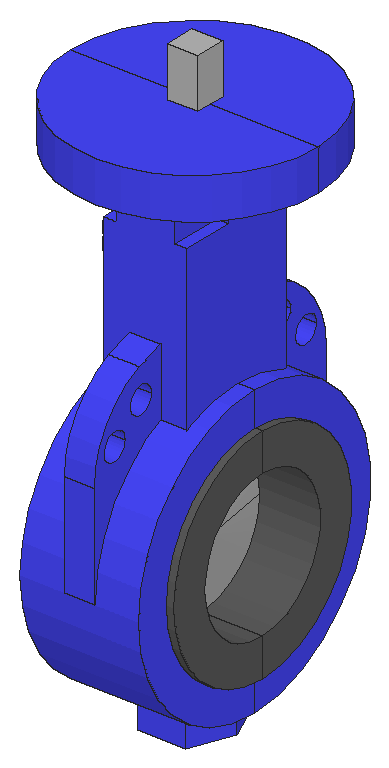
Revit family "931-10-001 DN50-80", category Pipe Accessories, Revit 2022
Family settings
  Round Connector Dimension = Use Diameter
  Part Type = Valve - Breaks Into
  Work Plane-Based = No
  Always vertical = Yes
  Cut with Voids When Loaded = No
  Shared = No
Parameters (values of type "DN050_PN10/16")
  wafer_fillet = wafer / 2  # 33.75 mm
  wafer_dim2 = size_lookup(Search_table, "wafer_dim2", 0 mm, DN)  # 44 mm
  wafer_dim1 = size_lookup(Search_table, "wafer_dim1", 0 mm, DN)  # 35 mm
  wafer_Y = size_lookup(Search_table, "wafer_Y", 0 mm, DN)  # 5 mm
  wafer_X1 = size_lookup(Search_table, "wafer_F", 0 mm, DN)  # 23 mm
  wafer_X = size_lookup(Search_table, "wafer_X", 0 mm, DN)  # 9 mm
  wafer_F = size_lookup(Search_table, "wafer_F", 0 mm, DN)  # 23 mm
  wafer = Actuator_Flange_R * 1.5  # 67.5 mm
  rubber = (D - Bore_R) / 2  # 13.75 mm
  hole1 = G / 2  # 5.5 mm
  disk2 = size_lookup(Search_table, "disk2", 0 mm, DN)  # 53 mm
  disk1 = size_lookup(Search_table, "disk1", 0 mm, DN)  # 6 mm
  disk = size_lookup(Search_table, "disk", 0 mm, DN)  # 2 mm
  base_dis = D * 1.18  # 61.95 mm
  base1 = C / 5  # 8.6 mm
  base = C * 0.7 / 2  # 15.05 mm
  URL_product_pages = "https://www.avkvalves.com/P.aspx?no=93105010020040200000"
  Search_table = "931-10-001 DN50-80"
  PCD_R = size_lookup(Search_table, "PCD_R", 0 mm, DN)  # 62.5 mm
  Hole_diameter = size_lookup(Search_table, "Hole_diameter", 0 mm, DN)  # 10 mm
  Hole = G * 1.1  # 12.1 mm
  H = size_lookup(Search_table, "H", 0 mm, DN)  # 90 mm
  G = size_lookup(Search_table, "G", 0 mm, DN)  # 11 mm
  Flange_T = size_lookup(Search_table, "Flange_T", 0 mm, DN)  # 19 mm
  Flange_R = size_lookup(Search_table, "Flange_R", 0 mm, DN)  # 82.5 mm
  F = size_lookup(Search_table, "F", 0 mm, DN)  # 18 mm
  E = size_lookup(Search_table, "E", 0 mm, DN)  # 140 mm
  Description_ = "AVK BUTTERFLY VALVE, WAFER, PN10/16"
  Default Elevation = 0 mm
  DN080_PN10/16 = "931-080-10-020040200000"
  DN065_PN10/16 = "931-065-10-020040200000"
  DN050_PN10/16 = "931-050-10-020040200000"
  DN = 50 mm
  D = size_lookup(Search_table, "D", 0 mm, DN) / 2  # 52.5 mm
  C = size_lookup(Search_table, "C", 0 mm, DN)  # 43 mm
  Bore_R = size_lookup(Search_table, "Bore_R", 0 mm, DN)  # 25 mm
  Body_thickness = B1 * 1.05  # 28.875 mm
  Body_dim1 = C * 0.7  # 30.1 mm
  Body_dim = Actuator_Flange_R * 0.5  # 22.5 mm
  Body_Thickness = size_lookup(Search_table, "Body_Thickness", 0 mm, DN)  # 6 mm
  B1 = B + 1 mm  # 27.5 mm
  B = size_lookup(Search_table, "B", 0 mm, DN) / 2  # 26.5 mm
  Actuator_Flange_R = size_lookup(Search_table, "Actuator_Flange_R", 0 mm, DN) / 2  # 45 mm
  Actuator_FL_T = size_lookup(Search_table, "Actuator_FL_T", 0 mm, DN)  # 15 mm
  2 = 3 mm  # constant formula
  1 = 1 mm  # constant formula
Types (4, lengths in mm): name | wafer_dim2 | wafer_dim1 | wafer_Y | wafer_X1 | wafer_X | wafer_F | rubber | disk2 | disk1 | disk | base_dis | base1 | base | PCD_R | Flange_R | E | DN | D | C | Bore_R | Body_thickness | Body_dim1 | B1 | B | Actuator_FL_T
  (no name) | 44 | 35 | 5 | 23 | 9 | 23 | 13.75 | 53 | 6 | 2 | 61.95 | 8.6 | 15.05 | 62.5 | 82.5 | 140 | 50 | 52.5 | 43 | 25 | 28.875 | 30.1 | 27.5 | 26.5 | 15
  DN050_PN10/16 | 44 | 35 | 5 | 23 | 9 | 23 | 13.75 | 53 | 6 | 2 | 61.95 | 8.6 | 15.05 | 62.5 | 82.5 | 140 | 50 | 52.5 | 43 | 25 | 28.875 | 30.1 | 27.5 | 26.5 | 15
  DN065_PN10/16 | 42 | 45 | 5 | 28 | 10 | 28 | 13 | 64 | 7 | 3 | 69.03 | 9.2 | 16.1 | 72.5 | 87.5 | 152 | 65 | 58.5 | 46 | 32.5 | 34.65 | 32.2 | 33 | 32 | 15
  DN080_PN10/16 | 45 | 38 | 9 | 35 | 10 | 35 | 12.5 | 78 | 9.9 | 3.5 | 76.7 | 9.2 | 16.1 | 77 | 97 | 159 | 80 | 65 | 46 | 40 | 42 | 32.2 | 40 | 39 | 19
Reference planes
  plane 1 "Center (Front/Back)": y = 0
  plane 2: z = 0
  plane 3 "Center (Left/Right)": x = 0
  plane 4: z = 227.5
  plane 5: x = -21.5
  plane 6: x = 21.5
  plane 7: z = 26.5
  plane 8: z = 140
  plane 9: z = 158
  plane 10: x = -5.5
  plane 11: x = 5.5
  plane 12: z = -13.25
  plane 13: z = 13.25
  plane 14: y = 5.5
  plane 15: y = -5.5
  plane 16: y = 5.5
  plane 17: y = -5.5
  plane 18: x = -15.05
  plane 19: x = 15.05
  plane 20: y = 22.5
  plane 21: y = -22.5
  plane 22: z = 125
  plane 23: z = 52.5
  plane 24: z = 32.5
  plane 25: z = 125
  plane 26: y = 26.5
  plane 27: x = -24.5
  plane 28: x = 24.5
  plane 29: x = -45
  plane 30: x = 45
  plane 31: z = 26.5
  plane 32: z = -26.5
  plane 33: y = -26.5
  plane 34: z = -26.5
  plane 35: z = 26.5
  plane 36: x = -5.5
  plane 37: x = 5.5
  plane 38: z = 90
  plane 39: y = -44
  plane 40: y = 44
  plane 41: y = 15.05
  plane 42: y = -15.05
  plane 43: x = -12.469
  plane 44: x = 12.469
  plane 45: z = 52.5
  plane 46: z = -52.5
  plane 47: y = 52.5
  plane 48: y = -52.5
Forms (mm)
  Revolve 1, solid, material "Default Roof"
    sketch origin (0, 0, 0) x (1, 0, 0) y (0, 0, 1)
      loop
        line (-21.5, 27.5) -> (21.5, 27.5) -> (21.5, 52.5) -> (-21.5, 52.5) -> (-21.5, 27.5)
      axis (-21.5, 0) -> (21.5, 0)
    angle from 0 to 360
  Revolve 2, solid, material "Default Roof"
    sketch origin (0, 0, 0) x (1, 0, 0) y (0, 0, 1)
      loop
        line (0, 140) -> (0, 125) -> (45, 125) -> (45, 140) -> (0, 140)
      axis (0, 140) -> (0, 125)
    angle from 0 to 360
  Extrusion 3, solid, material "Default Wall"
    sketch origin (0, 0, 0) x (1, 0, 0) y (0, 0, 1)
      loop
        line (-5.5, 158) -> (-5.5, 140) -> (5.5, 140) -> (5.5, 158) -> (-5.5, 158)
    from -5.5 to 5.5
  Extrusion 4, solid, material "Default Roof"
    sketch origin (0, 0, 0) x (1, 0, 0) y (0, 0, 1)
      loop
        line (-15.05, 125) -> (-15.05, 26.5) -> (15.05, 26.5) -> (15.05, 125) -> (-15.05, 125)
    from -22.5 to 22.5
  Extrusion 5, void
    sketch origin (0, 0, 0) x (0, 1, 0) y (0, 0, 1)
      loop
        line (22.5, 125) -> (3.5, 125) -> (3.5, 106) -> (22.5, 106) -> (22.5, 125)
      loop
        line (-3.5, 125) -> (-22.5, 125) -> (-22.5, 106) -> (-3.5, 106) -> (-3.5, 125)
    from 10.5 to 21.5
  Extrusion 6, void
    sketch origin (0, 0, 0) x (0, 1, 0) y (0, 0, 1)
      loop
        line (3.5, 106) -> (22.5, 106) -> (22.5, 125) -> (3.5, 125) -> (3.5, 106)
      loop
        line (-3.5, 125) -> (-22.5, 125) -> (-22.5, 106) -> (-3.5, 106) -> (-3.5, 125)
    from -21.5 to -10.5
  Revolve 7, solid, material "Default"
    sketch origin (0, 0, 0) x (1, 0, 0) y (0, 0, 1)
      loop
        line (-24.5, 40.25) -> (-24.5, 26.5) -> (24.5, 26.5) -> (24.5, 40.25) -> (21.5, 40.25) -> (21.5, 27.5) -> (-21.5, 27.5) -> (-21.5, 40.25) -> (-24.5, 40.25)
      axis (-24.5, 0) -> (24.5, 0)
    angle from 0 to 360
  Revolve 8, solid, material "Default Wall"
    sketch origin (0, 0, 0) x (1, 0, 0) y (0, 1, 0)
      loop
        line (-6, 0) -> (6, 0) -> (2, 26.5) -> (-2, 26.5) -> (-6, 0)
      axis (-6, 0) -> (6, 0)
    angle from 0 to 360
  Extrusion 9, solid, material "Default Roof"
    sketch origin (0, 0, 0) x (0, 1, 0) y (0, 0, 1)
      loop
        arc (52.5, 37.744) -> (46.969, 56.258) -> (32.188, 68.704) r 33.75
        arc (32.188, 68.704) -> (0, 75.388) -> (-32.188, 68.704) r 80.841
        arc (-32.188, 68.704) -> (-46.969, 56.258) -> (-52.5, 37.744) r 33.75
        line (-52.5, 37.744) -> (-52.5, 0.003)
        arc (-52.5, 0.003) -> (-37.048, 37.198) -> (0.208, 52.5) r 52.5
        arc (0.208, 52.5) -> (37.197, 37.049) -> (52.5, 0) r 52.5
        line (52.5, 0) -> (52.5, 37.744)
      loop
        circle (43.5, 47.5) r 5
      loop
        circle (31.5, 57.5) r 5
      loop
        circle (-31.5, 57.5) r 5
      loop
        circle (-43.5, 47.5) r 5
    from -5.5 to 5.5
  Extrusion 10, solid, material "Default Roof"
    sketch origin (0, 0, 0) x (1, 0, 0) y (0, 1, 0)
      loop
        line (-15.05, 0) -> (-8.6, -15.05) -> (8.6, -15.05) -> (15.05, 0) -> (8.6, 15.05) -> (-8.6, 15.05) -> (-15.05, 0)
    from -61.95 to -29.5
Cuts and joins
  Extrusion 5, Extrusion 6 cuts Revolve 2
  Extrusion 5, Extrusion 6 cuts Extrusion 4
Dimensions and locks
  "B": plane 7 to level
  equal spacing: plane 6, plane 3 "Center (Left/Right)", plane 5
  "C": plane 6 to plane 5
  "E": plane 8 to level
  equal spacing: plane 11, plane 3 "Center (Left/Right)", plane 10
  "G": plane 11 to plane 10
  "F": plane 9 to plane 8
  equal spacing: plane 13, level, plane 12
  "B": plane 13 to plane 12
  "Actuator_Flange_R": Revolve 2 sketch curve to plane 3 "Center (Left/Right)"
  "Actuator_FL_T": plane 8 to Revolve 2 sketch curve
  equal spacing: Extrusion 3 sketch curve, plane 3 "Center (Left/Right)", Extrusion 3 sketch curve
  equal spacing: plane 14, plane 1 "Center (Front/Back)", plane 15
  "G": plane 14 to plane 15
  equal spacing: plane 16, plane 1 "Center (Front/Back)", plane 17
  "G": plane 16 to plane 17
  equal spacing: Extrusion 4 sketch curve, plane 3 "Center (Left/Right)", Extrusion 4 sketch curve
  "Actuator_FL_T": plane 8 to Extrusion 4 sketch curve
  equal spacing: plane 19, plane 3 "Center (Left/Right)", plane 18
  "Body_dim1": plane 19 to plane 18
  equal spacing: plane 20, plane 1 "Center (Front/Back)", plane 21
  "Body_dim": plane 20 to plane 1 "Center (Front/Back)"
  "Actuator_FL_T": plane 8 to Extrusion 5 sketch curve
  "Flange_T": plane 20 to Extrusion 5 sketch curve
  "Actuator_FL_T": plane 8 to plane 22
  "Flange_T": plane 22 to Extrusion 5 sketch curve
  equal spacing: Extrusion 5 sketch curve, plane 1 "Center (Front/Back)", Extrusion 5 sketch curve
  "G": plane 6 to cut or joined group of Extrusion 4, Extrusion 5, Extrusion 6
  "G": cut or joined group of Extrusion 4, Extrusion 5, Extrusion 6 to plane 5
  equal spacing: Revolve 7 sketch curve, plane 3 "Center (Left/Right)", Revolve 7 sketch curve  (x2)
  "2": plane 5 to Revolve 7 sketch curve
  "B1": Revolve 1 sketch curve to level
  "D": plane 23 to level
  "rubber": Revolve 7 sketch curve to plane 7
  "Body_Thickness": plane 24 to plane 7
  "Actuator_FL_T": plane 8 to plane 25
  "Flange_T": plane 25 to cut or joined group of Extrusion 4, Extrusion 5, Extrusion 6
  equal spacing: cut or joined group of Extrusion 4, Extrusion 5, Extrusion 6, plane 1 "Center (Front/Back)", cut or joined group of Extrusion 4, Extrusion 5, Extrusion 6
  "Flange_T": plane 20 to cut or joined group of Extrusion 4, Extrusion 5, Extrusion 6
  equal spacing: Revolve 8 sketch curve, plane 3 "Center (Left/Right)", Revolve 8 sketch curve  (x2)
  "disk": Revolve 8 sketch curve to plane 3 "Center (Left/Right)"
  "disk1": Revolve 8 sketch curve to plane 3 "Center (Left/Right)"
  equal spacing: plane 28, plane 3 "Center (Left/Right)", plane 27
  "2": plane 5 to plane 27
  plane 28 to plane 27 = 49 mm
  equal spacing: plane 30, plane 3 "Center (Left/Right)", plane 29
  "Actuator_Flange_R": plane 30 to plane 3 "Center (Left/Right)"
  equal spacing: plane 32, level, plane 31
  "disk2": plane 32 to plane 31
  "1": plane 31 to Revolve 7 sketch curve
  plane 6 to plane 5 = 43 mm  (x2)
  plane 29 to plane 30 = 90 mm
  equal spacing: plane 26, plane 1 "Center (Front/Back)", plane 33
  "disk2": plane 26 to plane 33
  equal spacing: plane 35, level, plane 34
  "disk2": plane 7 to plane 34
  equal spacing: Extrusion 9, plane 3 "Center (Left/Right)", Extrusion 9
  equal spacing: plane 36, plane 3 "Center (Left/Right)", plane 37
  "G": plane 37 to plane 36
  "wafer_dim1": plane 25 to plane 38
  equal spacing: plane 39, plane 1 "Center (Front/Back)", plane 40
  "wafer_dim2": plane 39 to plane 1 "Center (Front/Back)"
  equal spacing: plane 42, plane 1 "Center (Front/Back)", plane 41
  equal spacing: plane 43, plane 3 "Center (Left/Right)", plane 44
  equal spacing: Extrusion 10 sketch curve, plane 3 "Center (Left/Right)", Extrusion 10 sketch curve  (x3)
  "base": plane 1 "Center (Front/Back)" to plane 41
  "base": Extrusion 10 sketch curve to plane 3 "Center (Left/Right)"
  "base1": Extrusion 10 sketch curve to plane 3 "Center (Left/Right)"  (x2)
  "base_dis": level to Extrusion 10
  "2": plane 34 to Extrusion 10
  equal spacing: plane 45, level, plane 46
  plane 45 to plane 46 = 105 mm
  "D": plane 45 to level
  plane 30 to plane 29 = 90 mm
  equal spacing: plane 47, plane 1 "Center (Front/Back)", plane 48
  "D": plane 47 to plane 1 "Center (Front/Back)"
  equal spacing: Extrusion 9 sketch curve, plane 1 "Center (Front/Back)", Extrusion 9 sketch curve  (x3)
  "wafer_Y": Extrusion 9 sketch curve to plane 45
  "wafer_Y": plane 45 to Extrusion 9 sketch curve  (x2)
  Extrusion 9 sketch curve to plane 1 "Center (Front/Back)" = 43.5 mm
  "wafer_X": plane 47 to Extrusion 9 sketch curve
  "wafer_X": Extrusion 9 sketch curve to plane 20
  "Hole_diameter": diameter of Extrusion 9 sketch curve  (x4)
  "wafer_fillet": radius of Extrusion 9 sketch curve  (x2)
  aligned and locked: level to plane 2
  aligned and locked: plane 5 to Revolve 1 sketch curve
  aligned and locked: plane 6 to Revolve 1 sketch curve
  aligned and locked: Revolve 1 sketch curve to level
  aligned and locked: plane 3 "Center (Left/Right)" to Revolve 2 sketch curve
  aligned and locked: Revolve 2 sketch curve to plane 8
  aligned and locked: Revolve 2 sketch curve to plane 3 "Center (Left/Right)"
  aligned and locked: plane 10 to Extrusion 3 sketch curve
  aligned and locked: plane 8 to Extrusion 3 sketch curve
  aligned and locked: Extrusion 3 sketch curve to plane 9
  aligned and locked: Extrusion 3 to plane 16
  aligned and locked: Extrusion 3 to plane 17
  aligned and locked: Extrusion 4 sketch curve to plane 18
  aligned and locked: plane 7 to Extrusion 4 sketch curve
  aligned and locked: Extrusion 4 to plane 20
  aligned and locked: Extrusion 4 to plane 21
  aligned and locked: Extrusion 5 sketch curve to plane 22
  aligned and locked: plane 21 to Extrusion 5 sketch curve
  aligned and locked: Extrusion 5 sketch curve to Extrusion 5 sketch curve
  aligned and locked: plane 6 to Extrusion 5
  aligned and locked: cut or joined group of Revolve 2, Extrusion 5, Extrusion 6 to Extrusion 6 sketch curve  (x2)
  aligned and locked: Extrusion 6 to plane 5
  aligned and locked: Revolve 7 sketch curve to Revolve 7 sketch curve
  aligned and locked: Revolve 7 sketch curve to level
  aligned and locked: Revolve 7 sketch curve to plane 5
  aligned and locked: Extrusion 6 to plane 20
  aligned and locked: Extrusion 6 to plane 21
  aligned and locked: Extrusion 5 to plane 20
  aligned and locked: cut or joined group of Extrusion 4, Extrusion 5, Extrusion 6 to cut or joined group of Extrusion 4, Extrusion 5, Extrusion 6
  aligned and locked: plane 1 "Center (Front/Back)" to Revolve 8 sketch curve  (x2)
  aligned and locked: Revolve 8 sketch curve to plane 26
  aligned and locked: Revolve 7 sketch curve to plane 7
  aligned and locked: Extrusion 9 to plane 36
  aligned and locked: plane 41 to Extrusion 10 sketch curve
  aligned and locked: Extrusion 10 sketch curve to plane 42
  aligned and locked: Extrusion 9 sketch curve to Revolve 1  (x2)
  aligned and locked: plane 1 "Center (Front/Back)" to nested 1
Automatic sketch dimensions
  Extrusion 6 sketch curve to plane 21 = 0 mm
  Extrusion 6 sketch curve to plane 20 = 0 mm
  plane 17 to Extrusion 6 sketch curve = 2 mm
  plane 16 to Extrusion 6 sketch curve = 2 mm
  Extrusion 6 sketch curve to Extrusion 6 sketch curve = 19 mm  (x2)
  Revolve 1 sketch curve to plane 23 = 0 mm
  plane 10 to Revolve 1 sketch curve = 0.688 mm
  Revolve 1 sketch curve to plane 6 = 7.188 mm
  Revolve 2 sketch curve to plane 25 = 2.849 mm
  Revolve 2 sketch curve to Revolve 2 sketch curve = 2 mm
  Extrusion 5 sketch curve to plane 20 = 0 mm
  plane 5 to Revolve 7 sketch curve = 1.194 mm
  Revolve 7 sketch curve to plane 30 = 28.711 mm
  Revolve 8 sketch curve to plane 27 = 2.935 mm
  plane 30 to Revolve 8 sketch curve = 6.863 mm
  Extrusion 9 sketch curve to plane 1 "Center (Front/Back)" = 0 mm
  Extrusion 9 sketch curve to Extrusion 9 sketch curve = 5.453 mm
  plane 7 to Extrusion 9 sketch curve = 11.244 mm  (x2)
  plane 45 to Extrusion 9 sketch curve = 5 mm
  Extrusion 9 sketch curve to Extrusion 9 sketch curve = 0 mm
  Extrusion 9 sketch curve to plane 45 = 0 mm
  plane 1 "Center (Front/Back)" to Extrusion 10 sketch curve = 0 mm  (x2)
Nested families
  nested 1: "logo small-1" at (-15.05, 0, 89.321) x (0, -1, 0) z (-1, 0, 0), type "logo small-1"
Connectors
  piping at (-24.5, 0, 0), diameter 50, driven by "DN"
    settings: on Revolve 7, index 1, connector inside diameter 609.6 mm, connector length 0 mm, flow factor 0, pipe flow 0.0 L/s, pressure drop 0.0 Pa, fitting loss kfactor 0, connector angle 0.00°, fixture units 0, engagement length 0 mm, angle of deflection 0.00°, flow configuration 0, flow direction 0, fitting loss method 0, system type 7, joint type 0, gender type 0, connector reference index -1, connector utility 0, adjustable connector no, is connector primary yes, connector description ""
  piping at (24.5, 0, 0), diameter 50, driven by "DN"
    settings: on Revolve 7, index 2, connector inside diameter 609.6 mm, connector length 0 mm, flow factor 0, pipe flow 0.0 L/s, pressure drop 0.0 Pa, fitting loss kfactor 0, connector angle 0.00°, fixture units 0, engagement length 0 mm, angle of deflection 0.00°, flow configuration 0, flow direction 0, fitting loss method 0, system type 7, joint type 0, gender type 0, connector reference index -1, connector utility 0, adjustable connector no, is connector primary no, connector description ""
Definition of nested family "logo small-1"
  Parameters
    Default Elevation = 1219.2 mm
  Reference planes
    plane 1 "Center (Front/Back)": y = 0
    plane 2: z = 0
    plane 3 "Center (Left/Right)": x = 0
  Forms (mm)
    Extrusion 1, solid
      sketch origin (0, 0, 0) x (1, 0, 0) y (0, 1, 0)
        loop
          line (-26.697, 30) -> (-26.697, -20.859) -> (26.519, -20.859) -> (26.519, 30) -> (-26.697, 30)
      from 0 to -304.8
    Extrusion 2, solid
      sketch origin (0, 0, 0) x (1, 0, 0) y (0, 1, 0)
        loop
          line (-20.607, 8.379) -> (-20.607, 4.302) -> (-16.724, 4.302) -> (-20.607, -5.729) -> (-16.724, -5.729) -> (-15.818, -3.389) -> (-9.104, -3.389) -> (-8.117, -5.729) -> (-3.91, -5.729) -> (-9.864, 8.379) -> (-20.607, 8.379)
        loop
          line (-12.518, 5.079) -> (-14.33, 0) -> (-10.641, 0) -> (-12.518, 5.079)
        loop
          line (-8.635, 9.738) -> (-2.292, -5.729) -> (2.173, -5.729) -> (8.451, 9.738) -> (20.488, 9.738) -> (20.488, 13.686) -> (5.312, 13.686) -> (0, 0) -> (-5.463, 13.686) -> (-20.607, 13.686) -> (-20.607, 9.738) -> (-8.635, 9.738)
        loop
          line (20.488, 4.302) -> (20.488, 8.379) -> (16.605, 8.379)
          arc (16.605, 8.379) -> (15.328, 4.717) -> (11.816, 3.072) r 4.995
          line (11.816, 3.072) -> (13.952, 8.379) -> (9.68, 8.379) -> (3.921, -5.729) -> (8.29, -5.729) -> (10.518, -0.27) -> (14.236, -5.729) -> (19.616, -5.729) -> (14.879, 0.432)
          arc (14.879, 0.432) -> (17.563, 1.981) -> (19.616, 4.302) r 9.637
          line (19.616, 4.302) -> (20.488, 4.302)
      from 0 to 2
  Dimensions and locks
    aligned and locked: plane 2 to Extrusion 1
    aligned and locked: level to Extrusion 1
    aligned and locked: Extrusion 2 sketch curve to import instance  (x36)
    aligned and locked: plane 1 "Center (Front/Back)" to Extrusion 2 sketch curve
